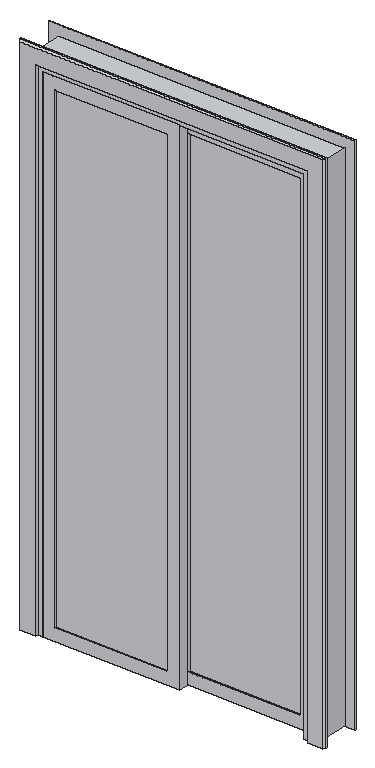
Revit family "Porta veneziana de correr dupla com revestimento", category Portas, Revit 2019
Family settings
  Hospedeiro = Parede
  Número OmniClass = 23.30.10.00
  Título OmniClass = Doors
  Sempre na vertical = Sim
  Corte com vazios quando carregada = Não
  Compartilhado = Não
  Ponto de cálculo do ambiente = Não
Parameters (values of type "1200 x 2180mm")
  Visual Light Transmittance = 0
  Largura da apara = 70 mm
  Espessura da apara = 10 mm
  Material da apara = none
  Espessura = Espessura da moldura do painel * 2 + 10 mm  # 90 mm
  Solar Heat Gain Coefficient = 0
  Rough Width = Width  # 1200 mm
  Rough Height = Height  # 2180 mm
  Largura da moldura do painel = 50 mm
  Espessura da moldura do painel = 40 mm
  Material do painel = none
  ID do tipo de construção = ""
  Coeficiente de transferência de calor (U) = 3.7021 W/(m²·K)
  Largura do puxador = 40 mm
  Material do puxador = none
  Altura do puxador = 200 mm
  Função = Exterior
  Largura da estrutura = 50 mm
  Height = 2180 mm
  Fechamento da parede = Por hospedeiro
  Width = 1200 mm
  Material da moldura = none
  Construção analítica = Metal
Types (5, lengths in mm): name | Rough Width | Width
  (no name) | 1200 | 1200
  1200 x 2180mm | 1200 | 1200
  1400 x 2180mm | 1400 | 1400
  1600 x 2180mm | 1600 | 1600
  1800 x 2180mm | 1800 | 1800
Reference planes
  plane 1: y = 0
  plane 2 "Centro (Esquerda/Direita)": x = 0
  plane 3 "Esquerda": x = -600
  plane 4 "Direita": x = 600
  plane 5: z = 2180
  plane 6 "Exterior": y = 75
  plane 7 "Interior": y = -75
  plane 8: x = -550
  plane 9: x = -500
  plane 10: x = 500
  plane 11: x = 550
  plane 12: z = 0
  plane 13: z = 2080
  plane 14: z = 50
  plane 15: z = 2130
  plane 16: x = 25
  plane 17: x = -25
  plane 18: z = 1065
  plane 19: x = 262.5
  plane 20: x = -262.5
  plane 21: y = -75
  plane 22: y = -35
  plane 23: y = -30
  plane 24: y = 10
  plane 25: y = -55
  plane 26: y = -10
  plane 27: y = -43
  plane 28: y = -67
  plane 29: y = 2
  plane 30: y = -22
  plane 31: z = 900
  plane 32: z = 1000
  plane 33: z = 800
  plane 34: x = 20
  plane 35: x = -20
  plane 36: z = 838
  plane 37: z = 962
  plane 38: x = 17
  plane 39: x = -17
  plane 40: x = 400
  plane 41: x = 125
  plane 42: through (400, 300, 1065) normal (0.5, 0, 0.866)
  plane 43: through (400, 300, 1065) normal (-0.5, 0, 0.866)
  plane 44: x = -400
  plane 45: x = -125
  plane 46: through (-400, 300, 1065) normal (0.5, 0, -0.866)
  plane 47: through (-400, 300, 1065) normal (-0.5, 0, -0.866)
Forms (mm)
  Sweep 1, solid, material <- "Material da moldura"
    path origin (0, 75, 0) x (1, 0, 0) y (0, 0, 1)
      loop
        line (600, 0) -> (600, 2180) -> (-600, 2180) -> (-600, 0)
    profile origin (600, 75, 1090) x (-1, 0, 0) y (0, -1, 0)
      loop
        line (0, 0) -> (50, 0) -> (50, 150) -> (0, 150) -> (0, 0)
  Sweep 2, solid, material <- "Material da moldura"
    path origin (0, 75, 0) x (-1, 0, 0) y (0, 0, 1)
      loop
        line (-550, 0) -> (25, 0) -> (25, 2130) -> (-550, 2130) -> (-550, 0)
    profile origin (550, 75, 1065) x (-1, 0, 0) y (0, -1, 0)
      loop
        line (0, 105) -> (0, 65) -> (50, 65) -> (50, 105) -> (0, 105)
  Extrusion 3, solid, material <- "Material do painel"
    sketch origin (0, 0, 0) x (-1, 0, 0) y (0, -1, 0)
      loop
        line (500, 43) -> (500, 67) -> (25, 67) -> (25, 43) -> (500, 43)
      loop
        line (-25, -2) -> (-25, 22) -> (-500, 22) -> (-500, -2) -> (-25, -2)
    from 50 to 2080
  Sweep 4, solid, material <- "Material da moldura"
    path origin (0, 75, 50) x (-1, 0, 0) y (0, 0, 1)
      loop
        line (550, -50) -> (550, 2080) -> (-25, 2080) -> (-25, -50) -> (550, -50)
    profile origin (-550, 75, 1065) x (-1, 0, 0) y (0, -1, 0)
      loop
        line (-50, 150) -> (-50, 110) -> (0, 110) -> (0, 150) -> (-50, 150)
  Extrusion 5, solid, material <- "Material do painel", detail levels medium+fine
    sketch origin (-1385, 0, 0) x (-1, 0, 0) y (0, -1, 0)
      loop
        line (-885, 43) -> (-885, 67) -> (-1360, 67) -> (-1360, 43) -> (-885, 43)
      loop
        line (-1410, -2) -> (-1410, 22) -> (-1885, 22) -> (-1885, -2) -> (-1410, -2)
    from 50 to 2080
  Sweep 6, solid, material <- "Material da apara", detail levels fine
    path origin (0, -75, 0) x (1, 0, 0) y (0, 0, 1)
      loop
        line (600, 0) -> (600, 2180) -> (-600, 2180) -> (-600, 0)
    profile "Perfil da apara : Perfil da apara" origin (600, -75, 1090) x (-1, 0, 0) y (0, -1, 0)
      loop
        line (-43, 0) -> (27, 0) -> (27, 10) -> (-37, 10) -> (-43, 4) -> (-43, 0)
  Sweep 7, solid, material <- "Material da apara", detail levels fine
    path origin (0, 75, 0) x (1, 0, 0) y (0, 0, 1)
      loop
        line (600, 0) -> (600, 2180) -> (-600, 2180) -> (-600, 0)
    profile "Perfil da apara : Perfil da apara" origin (600, 75, 1090) x (-1, 0, 0) y (0, -1, 0)
      loop
        line (-43, 0) -> (-43, -4) -> (-37, -10) -> (27, -10) -> (27, 0) -> (-43, 0)
Lines and regions (mm)
  Opening 1
    outline origin (-3050, -75, 0) x (1, 0, 0) y (0, 0, 1)
      loop
        line (2450, 0) -> (3650, 0) -> (3650, 2180) -> (2450, 2180) -> (2450, 0)
  symbolic lines, style "Giro da elevação"
    curve 1: line (550, 75, 2130) -> (-25, 75, 0)
    curve 2: line (-25, 75, 2130) -> (550, 75, 0)
    curve 3: line (-550, 75, 2130) -> (25, 75, 0)
    curve 4: line (25, 75, 2130) -> (-550, 75, 0)
  symbolic lines, style "Seta"
    curve 5: line (400, 75, 1065) -> (125, 75, 1065)
    curve 6: line (400, 75, 1065) -> (322.058, 75, 1110)
    curve 7: line (400, 75, 1065) -> (322.058, 75, 1020)
    curve 8: line (-400, 75, 1065) -> (-125, 75, 1065)
    curve 9: line (-400, 75, 1065) -> (-322.058, 75, 1110)
    curve 10: line (-400, 75, 1065) -> (-322.058, 75, 1020)
Text (mm)
  text "Externo" at (-2295.016, 1099.543, 0), in view "Nível de referência"
  text "Externo" at (0, 1615.38, 3698.081), in view "Esquerda"
  text "Externo" at (0, 1036.032, 3874.932), in view "Direita"
Dimensions and locks
  equal spacing: plane 3 "Esquerda", plane 2 "Centro (Esquerda/Direita)", plane 4 "Direita"
  "Width": plane 3 "Esquerda" to plane 4 "Direita"
  "Height": host wall to plane 5
  host wall to plane 5 = 2180 mm
  locked: plane 6 "Exterior" to host wall at 0
  locked: plane 7 "Interior" to host wall
  "Largura da estrutura": plane 3 "Esquerda" to plane 8
  "Largura da estrutura": plane 11 to plane 4 "Direita"
  "Largura da moldura do painel": plane 8 to plane 9
  "Largura da moldura do painel": plane 10 to plane 11
  "Largura da estrutura": plane 15 to plane 5
  "Largura da moldura do painel": plane 13 to plane 15
  "Largura da moldura do painel": plane 12 to plane 14
  equal spacing: plane 17, plane 2 "Centro (Esquerda/Direita)", plane 16
  "Largura da moldura do painel": plane 17 to plane 16
  equal spacing: plane 12, plane 18, plane 15
  equal spacing: plane 11, plane 19, plane 17
  equal spacing: plane 8, plane 20, plane 16
  "Espessura da moldura do painel": plane 22 to plane 21
  "Espessura da moldura do painel": plane 24 to plane 23
  equal spacing: plane 24, plane 26, plane 23
  equal spacing: plane 22, plane 25, plane 21
  locked: plane 27 to plane 25 at 12
  locked: plane 25 to plane 28 at 12
  locked: plane 29 to plane 26 at 12
  locked: plane 26 to plane 30 at 12
  locked: plane 12 to plane 31 at 900
  equal spacing: plane 33, plane 31, plane 32
  "Altura do puxador": plane 33 to plane 32
  equal spacing: plane 35, plane 2 "Centro (Esquerda/Direita)", plane 34
  "Largura do puxador": plane 35 to plane 34
  locked: plane 37 to plane 32 at 38
  locked: plane 33 to plane 36 at 38
  locked: plane 38 to plane 34 at 3
  locked: plane 35 to plane 39 at 3
  locked: plane 40 to plane 41 at 275
  equal spacing: plane 40, plane 19, plane 41
  locked: curve 6 to curve 6 at 90
  locked: curve 7 to curve 7 at 90
  locked: plane 44 to plane 45 at 275
  equal spacing: plane 44, plane 20, plane 45
  locked: curve 9 to curve 9 at 90
  locked: curve 10 to curve 10 at 90
  locked: plane 23 to plane 22 at 5
  locked: plane 18 to plane 42 (angle 30.00°)
  locked: plane 43 to plane 18 (angle 30.00°)
  locked: plane 46 to plane 18 (angle 30.00°)
  locked: plane 18 to plane 47 (angle 30.00°)
  aligned and locked: plane 3 "Esquerda" to Opening 1 sketch curve
  aligned and locked: plane 5 to Opening 1 sketch curve  (x2)
  aligned and locked: Opening 1 sketch curve to plane 4 "Direita"
  aligned and locked: Opening 1 sketch curve to level
  aligned and locked: plane 1 to host wall
  aligned and locked: level to plane 12
  aligned and locked: Sweep 1 sketch curve to plane 3 "Esquerda"
  aligned and locked: plane 5 to Sweep 1 sketch curve
  aligned and locked: plane 4 "Direita" to Sweep 1 sketch curve
  aligned and locked: Sweep 1 sketch curve to profile plane
  aligned and locked: Sweep 1 sketch curve to host wall
  aligned and locked: host wall to Sweep 1 sketch curve
  aligned and locked: Sweep 1 sketch curve to plane 11
  aligned and locked: Sweep 4 sketch curve to plane 8
  aligned and locked: Sweep 4 sketch curve to plane 16
  aligned and locked: Sweep 2 sketch curve to plane 11
  aligned and locked: Sweep 2 sketch curve to plane 15
  aligned and locked: Sweep 2 sketch curve to plane 17
  aligned and locked: plane 12 to Sweep 2 sketch curve
  aligned and locked: plane 9 to Extrusion 3 sketch curve
  aligned and locked: plane 17 to Extrusion 3 sketch curve
  aligned and locked: Extrusion 3 sketch curve to plane 16
  aligned and locked: Extrusion 3 sketch curve to plane 10
  aligned and locked: plane 15 to curve 1
  aligned and locked: plane 11 to curve 1
  aligned and locked: plane 17 to curve 2
  aligned and locked: plane 15 to curve 2
  aligned and locked: plane 11 to curve 2
  aligned and locked: plane 12 to curve 2
  aligned and locked: plane 17 to curve 1
  aligned and locked: plane 12 to curve 1
  aligned and locked: plane 15 to curve 3
  aligned and locked: plane 8 to curve 3
  aligned and locked: plane 15 to curve 4
  aligned and locked: plane 12 to curve 4
  aligned and locked: plane 8 to curve 4
  aligned and locked: plane 16 to curve 3
  aligned and locked: plane 12 to curve 3
  aligned and locked: Sweep 4 sketch curve to plane 12
  aligned and locked: plane 15 to Sweep 4 sketch curve
  aligned and locked: plane 21 to Sweep 4 sketch curve
  aligned and locked: Sweep 4 sketch curve to plane 9
  aligned and locked: Sweep 4 sketch curve to plane 22
  aligned and locked: profile plane to Sweep 4 sketch curve
  aligned and locked: plane 23 to Sweep 2 sketch curve
  aligned and locked: Sweep 2 sketch curve to profile plane
  aligned and locked: Sweep 2 sketch curve to plane 24
  aligned and locked: plane 10 to Sweep 2 sketch curve
  aligned and locked: Extrusion 3 sketch curve to plane 27
  aligned and locked: Extrusion 3 sketch curve to plane 28
  aligned and locked: Extrusion 3 sketch curve to plane 29
  aligned and locked: Extrusion 3 sketch curve to plane 30
  aligned and locked: plane 13 to Extrusion 3
  aligned and locked: plane 15 to Sweep 2
  aligned and locked: Sweep 2 to plane 12
  aligned and locked: nested 1 to plane 24
  aligned and locked: plane 2 "Centro (Esquerda/Direita)" to nested 1
  aligned and locked: plane 31 to nested 1
  aligned and locked: curve 6 to plane 42
  aligned and locked: curve 7 to plane 43
  aligned and locked: curve 5 to plane 41
  aligned and locked: curve 9 to plane 46
  aligned and locked: curve 10 to plane 47
  aligned and locked: curve 8 to plane 45
  aligned and locked: plane 21 to plane 7 "Interior"
  aligned and locked: plane 17 to Sweep 4
  aligned and locked: plane 9 to Sweep 4
  aligned and locked: Extrusion 5 sketch curve to plane 10
  aligned and locked: Extrusion 5 sketch curve to plane 29
  aligned and locked: Extrusion 5 sketch curve to plane 30
  aligned and locked: Extrusion 5 sketch curve to plane 16
  aligned and locked: plane 17 to Extrusion 5 sketch curve
  aligned and locked: plane 9 to Extrusion 5 sketch curve
  aligned and locked: Extrusion 5 sketch curve to plane 27
  aligned and locked: Extrusion 5 sketch curve to plane 28
  aligned and locked: plane 13 to Extrusion 5
  aligned and locked: Extrusion 5 to plane 14
  aligned and locked: Sweep 6 sketch curve to plane 4 "Direita"
  aligned and locked: Sweep 6 sketch curve to plane 5
  aligned and locked: plane 3 "Esquerda" to Sweep 6 sketch curve
  aligned and locked: plane 12 to Sweep 6 sketch curve  (x2)
  aligned and locked: Sweep 7 sketch curve to plane 3 "Esquerda"
  aligned and locked: plane 5 to Sweep 7 sketch curve
  aligned and locked: plane 4 "Direita" to Sweep 7 sketch curve
  aligned and locked: plane 12 to Sweep 7 sketch curve  (x2)
Automatic sketch dimensions
  Sweep 1 sketch curve to level = 0 mm  (x2)
  plane 16 to curve 4 = 0 mm
Nested families
  nested 1: "Maçaneta da porta 3" at (0, 10, 900), type "Maçaneta da porta 3", detail levels fine
Definition of nested family "Maçaneta da porta 3"
  Parameters
    Width = 40 mm
    Thickness = 3 mm
    Rough Width = Width  # 40 mm
    Rough Height = Height  # 200 mm
    Height = 200 mm
    Material do puxador = none
  Reference planes
    plane 1 "Centro (Frente/Trás)": y = 0
    plane 2: z = 0
    plane 3 "Centro (Esquerda/Direita)": x = 0
    plane 4: x = -20
    plane 5: x = 20
    plane 6: y = 3
    plane 7: z = 100
    plane 8: z = -100
    plane 9: y = -10
    plane 10: x = 15
    plane 11: x = -15
    plane 12: z = 60
    plane 13: z = -60
    plane 14: z = 85
    plane 15: z = -85
    plane 16: z = 62
    plane 17: x = 17
    plane 18: x = -17
    plane 19: z = -62
    plane 20: y = -8
    plane 21: y = -15
  Forms (mm)
    Extrusion 1, solid, material <- "Material do puxador"
      sketch origin (0, 0, 0) x (1, 0, 0) y (0, 0, 1)
        loop
          line (10, 100) -> (-10, 100)
          arc (-10, 100) -> (-17.071, 97.071) -> (-20, 90) r 10
          line (-20, 90) -> (-20, -90)
          arc (-20, -90) -> (-17.071, -97.071) -> (-10, -100) r 10
          line (-10, -100) -> (10, -100)
          arc (10, -100) -> (17.071, -97.071) -> (20, -90) r 10
          line (20, -90) -> (20, 90)
          arc (20, 90) -> (17.071, 97.071) -> (10, 100) r 10
        loop
          line (10, 60) -> (-10, 60)
          arc (-10, 60) -> (-13.536, 58.536) -> (-15, 55) r 5
          line (-15, 55) -> (-15, -55)
          arc (-15, -55) -> (-13.536, -58.536) -> (-10, -60) r 5
          line (-10, -60) -> (10, -60)
          arc (10, -60) -> (13.536, -58.536) -> (15, -55) r 5
          line (15, -55) -> (15, 55)
          arc (15, 55) -> (13.536, 58.536) -> (10, 60) r 5
        loop
          circle (0, 85) r 5
        loop
          circle (0, -85) r 5
      from -3 to 0
    Extrusion 2, solid, material <- "Material do puxador"
      sketch origin (0, 0, 0) x (1, 0, 0) y (0, 0, 1)
        loop
          arc (-10, 60) -> (-13.536, 58.536) -> (-15, 55) r 5
          line (-15, 55) -> (-15, -55)
          arc (-15, -55) -> (-13.536, -58.536) -> (-10, -60) r 5
          line (-10, -60) -> (10, -60)
          arc (10, -60) -> (13.536, -58.536) -> (15, -55) r 5
          line (15, -55) -> (15, 55)
          arc (15, 55) -> (13.536, 58.536) -> (10, 60) r 5
          line (10, 60) -> (-10, 60)
        loop
          arc (-10, 62) -> (-14.95, 59.95) -> (-17, 55) r 7
          line (-17, 55) -> (-17, -55)
          arc (-17, -55) -> (-14.95, -59.95) -> (-10, -62) r 7
          line (-10, -62) -> (10, -62)
          arc (10, -62) -> (14.95, -59.95) -> (17, -55) r 7
          line (17, -55) -> (17, 55)
          arc (17, 55) -> (14.95, 59.95) -> (10, 62) r 7
          line (10, 62) -> (-10, 62)
      from 0 to 10
    Extrusion 3, solid, material <- "Material do puxador"
      sketch origin (0, 0, 0) x (1, 0, 0) y (0, 0, 1)
        loop
          arc (-10, 60) -> (-13.536, 58.536) -> (-15, 55) r 5
          line (-15, 55) -> (-15, -55)
          arc (-15, -55) -> (-13.536, -58.536) -> (-10, -60) r 5
          line (-10, -60) -> (10, -60)
          arc (10, -60) -> (13.536, -58.536) -> (15, -55) r 5
          line (15, -55) -> (15, 55)
          arc (15, 55) -> (13.536, 58.536) -> (10, 60) r 5
          line (10, 60) -> (-10, 60)
      from 8 to 10
    Extrusion 4, void
      sketch origin (0, 0, 0) x (1, 0, 0) y (0, 0, 1)
        loop
          line (-17, 62) -> (-17, -62) -> (17, -62) -> (17, 62) -> (-17, 62)
      from 0 to 15
  Cuts and joins
    Extrusion 4 cuts Extrusion 1
    Extrusion 4 cuts Extrusion 2
    Extrusion 4 cuts Extrusion 3
    joined: Extrusion 1, Extrusion 2, Extrusion 3
  Dimensions and locks
    equal spacing: plane 4, plane 3 "Centro (Esquerda/Direita)", plane 5
    "Thickness": plane 6 to plane 1 "Centro (Frente/Trás)"
    "Width": plane 4 to plane 5
    equal spacing: plane 7, plane 2, plane 8
    "Height": plane 7 to plane 8
    locked: plane 10 to plane 5 at 5
    locked: plane 4 to plane 11 at 5
    locked: plane 8 to plane 13 at 40
    locked: plane 12 to plane 7 at 40
    locked: plane 14 to plane 7 at 15
    locked: plane 8 to plane 15 at 15
    locked: plane 9 to cut or joined group of Extrusion 1, Extrusion 2, Extrusion 3, Extrusion 4 at 10
    locked: plane 18 to plane 11 at 2
    locked: plane 19 to plane 13 at 2
    locked: plane 12 to plane 16 at 2
    locked: plane 10 to plane 17 at 2
    locked: plane 20 to plane 9 at 2
    locked: plane 9 to plane 21 at 5
    radius of Extrusion 1 sketch curve = 10 mm  (x4)
    radius of Extrusion 1 sketch curve = 5 mm  (x6)
    radius of Extrusion 2 sketch curve = 7 mm  (x4)
    aligned and locked: level to plane 2
    aligned and locked: plane 7 to Extrusion 1 sketch curve
    aligned and locked: plane 5 to Extrusion 1 sketch curve
    aligned and locked: Extrusion 1 sketch curve to plane 8
    aligned and locked: Extrusion 1 sketch curve to plane 4
    aligned and locked: plane 12 to Extrusion 1 sketch curve
    aligned and locked: Extrusion 1 sketch curve to plane 10
    aligned and locked: Extrusion 1 sketch curve to plane 13
    aligned and locked: plane 11 to Extrusion 1 sketch curve
    aligned and locked: plane 6 to Extrusion 1
    aligned and locked: plane 1 "Centro (Frente/Trás)" to Extrusion 1
    aligned and locked: plane 14 to Extrusion 1 sketch curve
    aligned and locked: plane 3 "Centro (Esquerda/Direita)" to Extrusion 1 sketch curve  (x2)
    aligned and locked: plane 15 to Extrusion 1 sketch curve
    aligned and locked: Extrusion 2 sketch curve to Extrusion 1  (x4)
    aligned and locked: Extrusion 2 to plane 1 "Centro (Frente/Trás)"
    aligned and locked: Extrusion 2 to plane 9
    aligned and locked: plane 16 to Extrusion 2 sketch curve
    aligned and locked: Extrusion 2 sketch curve to plane 17
    aligned and locked: plane 19 to Extrusion 2 sketch curve
    aligned and locked: Extrusion 2 sketch curve to plane 18
    aligned and locked: Extrusion 3 sketch curve to cut or joined group of Extrusion 1, Extrusion 2, Extrusion 3, Extrusion 4  (x4)
    aligned and locked: plane 20 to Extrusion 3
    aligned and locked: Extrusion 3 to plane 9
    aligned and locked: Extrusion 4 sketch curve to plane 16
    aligned and locked: plane 18 to Extrusion 4 sketch curve
    aligned and locked: Extrusion 4 sketch curve to plane 19
    aligned and locked: plane 17 to Extrusion 4 sketch curve
    aligned and locked: Extrusion 4 to plane 1 "Centro (Frente/Trás)"
    aligned and locked: Extrusion 4 to plane 21
  Automatic sketch dimensions
    Extrusion 1 sketch curve to plane 4 = 0 mm
    Extrusion 1 sketch curve to plane 5 = 0 mm
